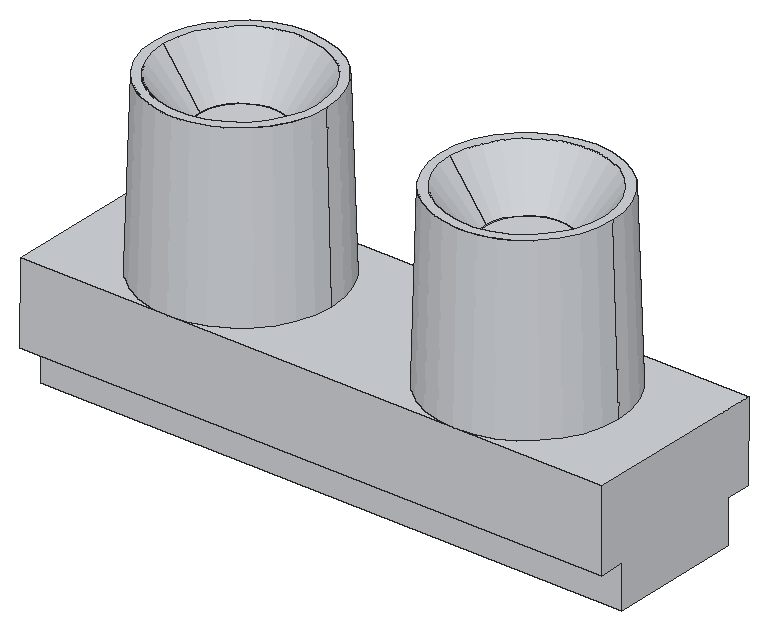
Revit family "Alcon - 15100_Dual Baffle-Linear", category Lighting Fixtures, host Face, Revit 2025
Family settings
  Host = Face
  Round Connector Dimension = Use Diameter
  Part Type = Normal
  Cut with Voids When Loaded = No
  Light Source = Yes
  Maintain Annotation Orientation = No
  Shared = No
  Room Calculation Point = No
Parameters
  Wattage = 9.2903 W
  built-in parameter 1150110 = 1 (stored number, unit not read)
  built-in parameter 1114217 = 1 (stored number, unit not read)
  Tilt Angle = 60.00°
  built-in parameter 1150109 = 1 (stored number, unit not read)
  built-in parameter 1150134 = 3
  built-in parameter 1150113 = 1 (stored number, unit not read)
  built-in parameter 1010507 = 1.5708 (stored number, unit not read)
  built-in parameter 1010506 = 0.5236 (stored number, unit not read)
  built-in parameter 1150105 = 4614.1 (stored number, unit not read)
  Lumens = 1380 lm
  built-in parameter 1150115 = 1 (stored number, unit not read)
  Light Source Symbol Length = 10' - 0"
  built-in parameter 1150137 = (empty or 0)
  built-in parameter 1150139 = (empty or 0)
  built-in parameter 1150112 = 1 (stored number, unit not read)
  built-in parameter 1150114 = 1 (stored number, unit not read)
  built-in parameter 1150132 = (empty or 0)
  built-in parameter 1150102 = (empty or 0)
  built-in parameter 1150107 = 3200 (stored number, unit not read)
  built-in parameter 1150138 = (empty or 0)
  built-in parameter 1150106 = 46.141 (stored number, unit not read)
  HOUSING = none
  Glass = none
  built-in parameter 1150104 = 13.8 (stored number, unit not read)
  Dimming Lamp Color Temperature Shift = (empty or 0)
  Default Elevation = 4' - 0"
  Color Filter = 16777215
  built-in parameter 1114218 = 1 (stored number, unit not read)
  built-in parameter 1150133 = 10 (stored number, unit not read)
Reference planes (in)
  plane 1 "Center (Front/Back)": y = 0
  plane 2: z = 0
  plane 3 "Center (Left/Right)": x = 0
Forms (in)
  Extrusion 1, solid, material <- "HOUSING"
    sketch origin (0, -6.99033, 6.35123) x (0, -1, 0) y (0, 0, -1)
      loop
        line (-6.34033, 5.36282) -> (-6.34033, 5.93211) -> (-6.51937, 5.93211) -> (-6.51937, 6.23212) -> (-7.46129, 6.23212) -> (-7.46129, 5.93211) -> (-7.64033, 5.93211) -> (-7.64033, 5.36282) -> (-6.34033, 5.36282)
    from 0 to 4.13
  Blend 2, solid, material <- "HOUSING"
    base sketch origin (0, 0, 0) x (1, 0, 0) y (0, 1, 0)
      loop
        circle (1.04452, 0) r 0.65
    top sketch origin (0, 0, 0) x (1, 0, 0) y (0, 1, 0)
      loop
        circle (1.04452, 0) r 0.61169
    from 0.98841 to 2.24
  Blend 3, void
    base sketch origin (0, 0, 2.24) x (0, 1, 0) y (-1, 0, 0)
      loop
        circle (0, -1.04452) r 0.54919
    top sketch origin (0, 0, 2.24) x (0, 1, 0) y (-1, 0, 0)
      loop
        circle (0, -1.04452) r 0.29109
    from 0 to -0.34783
  Extrusion 4, void
    sketch origin (0, 0, 1.89217) x (-1, 0, 0) y (0, 1, 0)
      loop
        circle (-1.04452, 0) r 0.29109
    from 0 to 0.5
  Blend 5, solid, material <- "HOUSING"
    base sketch origin (2.03457, 0, 0) x (1, 0, 0) y (0, 1, 0)
      loop
        circle (1.04452, 0) r 0.65
    top sketch origin (2.03457, 0, 0) x (1, 0, 0) y (0, 1, 0)
      loop
        circle (1.04452, 0) r 0.61169
    from 0.98841 to 2.24
  Blend 6, void
    base sketch origin (2.03457, 0, 2.24) x (0, 1, 0) y (-1, 0, 0)
      loop
        circle (0, -1.04452) r 0.54919
    top sketch origin (2.03457, 0, 2.24) x (0, 1, 0) y (-1, 0, 0)
      loop
        circle (0, -1.04452) r 0.29109
    from 0 to -0.34783
  Extrusion 7, void
    sketch origin (2.03457, 0, 1.89217) x (-1, 0, 0) y (0, 1, 0)
      loop
        circle (-1.04452, 0) r 0.29109
    from 0 to 0.5
  Extrusion 8, solid, material <- "Glass"
    sketch origin (0, 0, 1.39217) x (-1, 0, 0) y (0, -1, 0)
      loop
        circle (-1.04452, 0) r 0.29109
      loop
        circle (-3.07909, 0) r 0.29109
    from 0.43499 to 0.5
Cuts and joins
  Blend 3, Extrusion 4, Blend 6, Extrusion 7 cuts Blend 2
  Blend 6, Extrusion 7 cuts Blend 5
Dimensions and locks (in)
  aligned and locked: plane 2 to host face
  aligned and locked: level to host face
